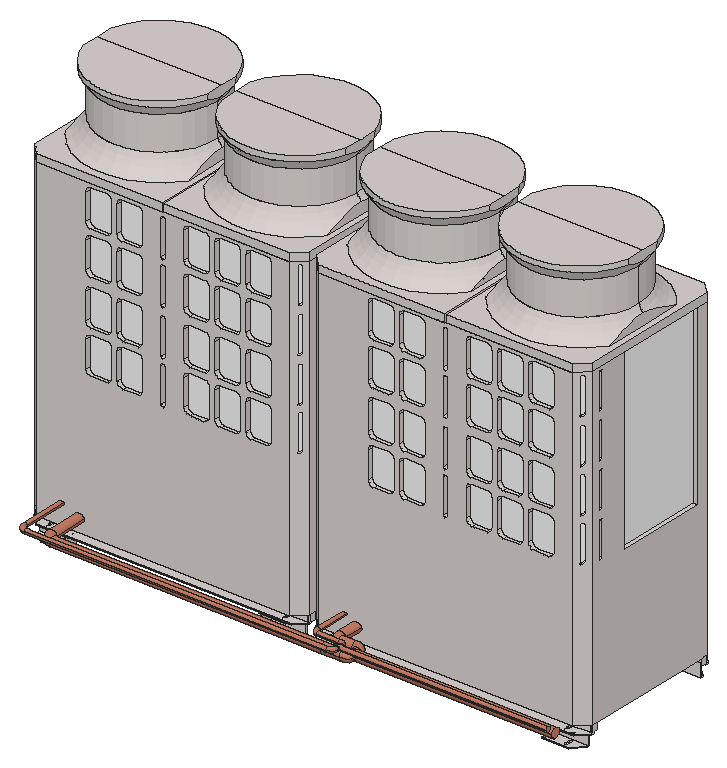
Revit family "PUHY-EP850YSNW-A", category Mechanical Equipment, Revit 2012
Parameters (values of type "PUHY-EP850YSNW-A_415V_60Hz")
  WarrantyStart = ""
  TagNumber = 0
  Sound Pressure Level (dB(A)) Heating mode = 71
  Sound Pressure Level (dB(A)) Cooling mode = 68.5
  Model = "PUHY-EP850YSNW-A"
  Width = 2510 mm
  Voltage = 415 V
  Unit Weight (kg) = 610
  URL = "http://www.mitsubishielectric.com/"
  Temp. range of heating (Outdoor temp.) (W.B.) = "-20.0 to 15.5"
  Temp. range of heating (Indoor temp.) (D.B.) = "15.0 to 27.0"
  Subcategory = "HVAC"
  Space View = yes
  SerialNumber = 0
  ReplacementYear = ""
  Refrigerant type = "R410A"
  Refrigerant Charge (kg) = 21.6
  Protection Devices_Inverter circuit (COMP./FAN) = "Over-heat protection, Over-current protection"
  Protection Devices_High pressure (MPa) = "High pressure sensor, High pressure switch at 4.15"
  Phase = 3
  Manufacturer = "Mitsubishi Electric Corporation"
  Outdoor unit 2 = PUHY-EP400YNW-A : PUHY-EP400YNW-A
  Outdoor unit 1 = PUHY-EP450YNW-A : PUHY-EP450YNW-A
  Note_1 = "Refrigerant pipe diameters may change depending on the installation condition. Please refer to the installation manual."
  Maximum Circuit Ampacity (A) = 61.9
  Liquid pipe_radius = 9.525 mm
  InstallationDate = ""
  Indoor Unit Total Capacity = "50 to 130% of outdoor unit capacity"
  Indoor Unit Model/Quantity = "P15 to P250/2 to 50"
  Hertz = 60 Hz
  Height = 1858 mm
  Heating Power Input (kW) = 26.66
  Heating Current (A) = 41.2
  Heating Capacity (kW) = 108
  Heating COP (kW/kW) = 4.05
  Gas pipe_radius = 20.64 mm
  Fan_Type = "Propeller Fan"
  Fan_Quantity = 4
  Fan Motor Output (kW) = 1.84
  External static pressure (Pa) = 0
  External Finish = "Pre-coated galvanized steel sheets (+powder coating for -BS type) <MUNSELL 5Y 8/1 or similar>"
  Equip_description = ""
  Equip_No. = 0
  Equip_ID = ""
  Description = ""
  Depth = 740 mm
  CreatedOn = ""
  CreatedBy = ""
  Cooling Power Input (kW) = 22.4
  Cooling EER (kW/kW) = 4.28
  Cooling Current (A) = 34.6
  Cooling Capacity (kW) = 96
  Compressor_Type = "Inverter scroll hermetic compressor"
  Compressor_Quantity = 2
  Compressor_Lubricant = "MEL32"
  Compressor Motor Output (kW) = 23.3
  Category = ""
  Barcode = ""
  AssetIdentifier = ""
  Airflow Rate (m3/min) = 575
  Airflow Rate (m3/h) = 34500
Reference planes
  plane 1 "Center (Front/Back)": y = 0
  plane 2: z = 0
  plane 3 "Center (Left/Right)": x = 0
  plane 4: y = 370
  plane 5 "front": y = -370
  plane 6: x = -1255
  plane 7: x = 1255
  plane 8: x = 15
  plane 9: x = -15
  plane 10: z = 1858
Forms (mm)
  Sweep 1, solid, material "Copper"
    path origin (1017.215, -4.248, 187) x (0, -1, 0) y (1, 0, 0)
      loop
        line (360, -2112.386) -> (570, -2112.386)
        arc (570, -2112.386) -> (591.213, -2103.6) -> (600, -2082.386) r 30
        line (600, -2082.386) -> (600, -725.507)
        arc (600, -725.507) -> (594.142, -711.365) -> (580, -705.507) r 20
        line (580, -705.507) -> (552.385, -705.507)
        arc (552.385, -705.507) -> (538.243, -711.365) -> (532.385, -725.507) r 20
        line (532.385, -725.507) -> (532.385, -821.501)
        arc (532.385, -821.501) -> (526.527, -835.643) -> (512.385, -841.501) r 20
        line (512.385, -841.501) -> (357.385, -841.501)
    profile origin (-1095.172, -469.248, 187) x (1, 0, 0) y (0, 0, 1)
      loop
        circle (0, 0) r 9.525
  Sweep 2, solid, material "Copper"
    path origin (1039.386, -4.248, 155) x (0, -1, 0) y (1, 0, 0)
      loop
        line (360, -2053) -> (520, -2053)
        arc (520, -2053) -> (544.749, -2042.749) -> (555, -2018) r 35
        line (555, -2018) -> (555, -800.253) -> (555, -715.076)
        arc (555, -715.076) -> (547.678, -697.398) -> (530, -690.076) r 25
        line (530, -690.076) -> (510, -690.076)
        arc (510, -690.076) -> (488.787, -698.863) -> (480, -720.076) r 30
        line (480, -720.076) -> (480, -781.253)
        arc (480, -781.253) -> (472.678, -798.931) -> (455, -806.253) r 25
        line (455, -806.253) -> (360, -806.253)
    profile origin (-1013.614, -444.248, 155) x (1, 0, 0) y (0, 0, 1)
      loop
        circle (0, 0) r 20.64
  Sweep 3, solid, material "Copper"
    path origin (934.386, -4.248, 187) x (0, -1, 0) y (1, 0, 0)
      loop
        line (565.96, -620) -> (565.96, 320.614)
    profile origin (784.693, -570.208, 187) x (0, 1, 0) y (0, 0, 1)
      loop
        circle (0, 0) r 9.525
  Sweep 4, solid, material "Copper"
    path origin (934.386, -4.248, 155.027) x (-1, 0, 0) y (0, -1, 0)
      loop
        line (585, 523.84) -> (-320, 523.84)
    profile origin (801.886, -528.088, 155.027) x (0, 1, 0) y (0, 0, 1)
      loop
        circle (0, 0) r 20.64
Dimensions and locks
  nested 1 to nested 1 = 1240 mm
  nested 1 to nested 2 to nested 2 = 30 mm, 1240 mm
  "Liquid pipe_radius": radius of Sweep 3 sketch curve
  "Gas pipe_radius": radius of Sweep 4 sketch curve
  aligned and locked: level to plane 2
Automatic sketch dimensions
  Sweep 1 sketch curve to plane 5 "front" = 8.366 mm
  Sweep 1 sketch curve to plane 5 "front" = 5.752 mm
  plane 5 "front" to Sweep 1 sketch curve = 146.634 mm
  Sweep 1 sketch curve to Sweep 1 sketch curve = 20 mm  (x2)
  plane 5 "front" to Sweep 1 sketch curve = 204.248 mm
  Sweep 1 sketch curve to Sweep 1 sketch curve = 27.615 mm
  Sweep 1 sketch curve to Sweep 1 sketch curve = 30 mm
  plane 6 to Sweep 1 sketch curve = 159.828 mm
  plane 3 "Center (Left/Right)" to Sweep 1 sketch curve = 175.714 mm
  Sweep 1 sketch curve to Sweep 1 sketch curve = 95.994 mm
  profile plane to Sweep 1 sketch curve = 0 mm
  Sweep 1 sketch curve to profile plane = 0 mm
  profile plane to Sweep 2 sketch curve = 0 mm
  Sweep 2 sketch curve to profile plane = 0 mm
  Sweep 3 sketch curve to profile plane = 0 mm  (x2)
  Sweep 4 sketch curve to profile plane = 0 mm  (x2)
  Sweep 3 sketch curve to plane 7 = 0 mm
  plane 5 "front" to Sweep 3 sketch curve = 200.208 mm
  plane 8 to Sweep 3 sketch curve = 299.386 mm
  Sweep 4 sketch curve to plane 7 = 0.614 mm
  plane 5 "front" to Sweep 4 sketch curve = 158.088 mm
  plane 8 to Sweep 4 sketch curve = 334.386 mm
  Sweep 2 sketch curve to plane 5 "front" = 5.752 mm  (x2)
  plane 5 "front" to Sweep 2 sketch curve = 89.248 mm
  Sweep 2 sketch curve to Sweep 2 sketch curve = 25 mm
  plane 5 "front" to Sweep 2 sketch curve = 154.248 mm
  Sweep 2 sketch curve to Sweep 2 sketch curve = 20 mm
  Sweep 2 sketch curve to Sweep 2 sketch curve = 35 mm
  plane 6 to Sweep 2 sketch curve = 241.386 mm
  plane 8 to Sweep 2 sketch curve = 218.134 mm
  Sweep 2 sketch curve to Sweep 2 sketch curve = 19 mm
  Sweep 2 sketch curve to Sweep 2 sketch curve = 61.177 mm
  Sweep 2 sketch curve to Sweep 2 sketch curve = 30 mm
  radius of Sweep 1 sketch curve = 9.525 mm
  radius of Sweep 2 sketch curve = 20.64 mm
Nested families
  nested 1: "PUHY-EP450YNW-A" at (-635, 0, 0), type <- "Outdoor unit 1", type "PUHY-EP450YNW-A"
  nested 2: "PUHY-EP400YNW-A" at (635, 0, 0), type <- "Outdoor unit 2", type "PUHY-EP400YNW-A"
Connectors
  piping at (1254.386, -528.088, 155.027), driven by "Gas pipe_radius"
    settings: on Sweep 4, index 1, connector radius 20.64 mm, flow factor 0, pipe flow 0.0 L/s, pressure drop 0.0 Pa, fitting loss kfactor 0, connector angle 0.00°, fixture units 0, engagement length 0 mm, flow configuration 0, flow direction 0, fitting loss method 0, system type 22, joint type 0, gender type 0, connector reference index -1, connector utility 0, adjustable connector no, is connector primary yes, fitting loss table "", connector description "Indoor unit-Twinning pipe(Gas)"
  piping at (1255, -570.208, 187), driven by "Liquid pipe_radius"
    settings: on Sweep 3, index 2, connector radius 9.525 mm, flow factor 0, pipe flow 0.0 L/s, pressure drop 0.0 Pa, fitting loss kfactor 0, connector angle 0.00°, fixture units 0, engagement length 0 mm, flow configuration 0, flow direction 0, fitting loss method 0, system type 22, joint type 0, gender type 0, connector reference index -1, connector utility 0, adjustable connector no, is connector primary no, fitting loss table "", connector description "Indoor unit-Twinning pipe(Liquid)"
  electrical at (319, -370, 280), driven by "Phase", driven by "Voltage"
    settings: index 4, voltage 415 V, apparent load 0 VA, apparent load phase1 0 VA, apparent load phase2 0 VA, apparent load phase3 0 VA, power factor 1, load classification "その他", number of poles 3, system type 30, power factor state 1, is connector primary yes, connector utility no, sub classification motor no, connector description ""
  electrical at (-633, -370, 280), driven by "Phase", driven by "Voltage"
    settings: index 5, voltage 415 V, apparent load 0 VA, apparent load phase1 0 VA, apparent load phase2 0 VA, apparent load phase3 0 VA, power factor 1, load classification "その他", number of poles 3, system type 30, power factor state 1, is connector primary no, connector utility no, sub classification motor no, connector description ""
Definition of nested family "PUHY-EP450YNW-A"
  Parameters (values of type "PUHY-P400YNW-A")
    Model = "PUHY-P400YNW-A"
    URL = "http://www.mitsubishielectric.com/"
    Manufacturer = "Mitsubishi Electric Corporation"
    Liquid pipe_radius = 12.7 mm
    Gas pipe_radius = 14.29 mm
  Reference planes
    plane 1 "Center (Front/Back)": y = 0
    plane 2: z = 0
    plane 3 "Center (Left/Right)": x = 0
    plane 4: y = 370
    plane 5: z = 1858
    plane 6: y = -260
    plane 7: y = -204
    plane 8: y = -185
    plane 9: x = -620
    plane 10: x = 620
    plane 11: x = -620
    plane 12: z = 716
    plane 13: x = -524
    plane 14: z = 669
    plane 15: x = -50.5
    plane 16: x = 51
    plane 17: x = 489
    plane 18: x = 467
    plane 19 "132": x = 488
    plane 20 "100": z = 160
    plane 21: z = 185
    plane 22: x = 413
    plane 23: x = 364
    plane 24: z = 150
    plane 25: x = -287.25
    plane 26: x = -137.25
    plane 27: x = -272.25
    plane 28: y = -278
    plane 29: z = 1509
    plane 30: y = -370
    plane 31: x = -530
    plane 32: x = 530
    plane 33 "179": y = -191
  Forms (mm)
    Extrusion 1, solid, material "Paint_5Y 8/1"
      sketch origin (-1, 0, 113) x (-1, 0, 0) y (0, -1, 0)
        loop
          line (569, -370) -> (619, -320) -> (619, 320) -> (569, 370) -> (-571, 370) -> (-621, 320) -> (-621, -320) -> (-571, -370) -> (569, -370)
      from -18 to 1408
    Extrusion 2, void
      sketch origin (524, -370, 113) x (1, 0, 0) y (0, 0, -1)
        loop
          arc (-60.8, -1393.5) -> (-42.557, -1385.943) -> (-35, -1367.7) r 25.8
          line (-35, -1367.7) -> (-35, -1248.5)
          arc (-35, -1248.5) -> (-42.557, -1230.257) -> (-60.8, -1222.7) r 25.8
          line (-60.8, -1222.7) -> (-126, -1222.7)
          arc (-126, -1222.7) -> (-144.243, -1230.257) -> (-151.8, -1248.5) r 25.8
          line (-151.8, -1248.5) -> (-151.8, -1367.7)
          arc (-151.8, -1367.7) -> (-144.243, -1385.943) -> (-126, -1393.5) r 25.8
          line (-126, -1393.5) -> (-60.8, -1393.5)
      from 0 to 20
    Extrusion 3, void
      sketch origin (524, -370, -81) x (1, 0, 0) y (0, 0, -1)
        loop
          arc (-60.8, -1393.5) -> (-42.557, -1385.943) -> (-35, -1367.7) r 25.8
          line (-35, -1367.7) -> (-35, -1248.5)
          arc (-35, -1248.5) -> (-42.557, -1230.257) -> (-60.8, -1222.7) r 25.8
          line (-60.8, -1222.7) -> (-126, -1222.7)
          arc (-126, -1222.7) -> (-144.243, -1230.257) -> (-151.8, -1248.5) r 25.8
          line (-151.8, -1248.5) -> (-151.8, -1367.7)
          arc (-151.8, -1367.7) -> (-144.243, -1385.943) -> (-126, -1393.5) r 25.8
          line (-126, -1393.5) -> (-60.8, -1393.5)
      from 0 to 20
    Extrusion 4, void
      sketch origin (524, -370, -287) x (1, 0, 0) y (0, 0, -1)
        loop
          arc (-60.8, -1393.5) -> (-42.557, -1385.943) -> (-35, -1367.7) r 25.8
          line (-35, -1367.7) -> (-35, -1248.5)
          arc (-35, -1248.5) -> (-42.557, -1230.257) -> (-60.8, -1222.7) r 25.8
          line (-60.8, -1222.7) -> (-126, -1222.7)
          arc (-126, -1222.7) -> (-144.243, -1230.257) -> (-151.8, -1248.5) r 25.8
          line (-151.8, -1248.5) -> (-151.8, -1367.7)
          arc (-151.8, -1367.7) -> (-144.243, -1385.943) -> (-126, -1393.5) r 25.8
          line (-126, -1393.5) -> (-60.8, -1393.5)
      from 0 to 20
    Extrusion 5, void
      sketch origin (524, -370, -481) x (1, 0, 0) y (0, 0, -1)
        loop
          arc (-60.8, -1393.5) -> (-42.557, -1385.943) -> (-35, -1367.7) r 25.8
          line (-35, -1367.7) -> (-35, -1248.5)
          arc (-35, -1248.5) -> (-42.557, -1230.257) -> (-60.8, -1222.7) r 25.8
          line (-60.8, -1222.7) -> (-126, -1222.7)
          arc (-126, -1222.7) -> (-144.243, -1230.257) -> (-151.8, -1248.5) r 25.8
          line (-151.8, -1248.5) -> (-151.8, -1367.7)
          arc (-151.8, -1367.7) -> (-144.243, -1385.943) -> (-126, -1393.5) r 25.8
          line (-126, -1393.5) -> (-60.8, -1393.5)
      from 0 to 20
    Extrusion 6, void
      sketch origin (384, -370, 113) x (1, 0, 0) y (0, 0, -1)
        loop
          arc (-60.8, -1393.5) -> (-42.557, -1385.943) -> (-35, -1367.7) r 25.8
          line (-35, -1367.7) -> (-35, -1248.5)
          arc (-35, -1248.5) -> (-42.557, -1230.257) -> (-60.8, -1222.7) r 25.8
          line (-60.8, -1222.7) -> (-126, -1222.7)
          arc (-126, -1222.7) -> (-144.243, -1230.257) -> (-151.8, -1248.5) r 25.8
          line (-151.8, -1248.5) -> (-151.8, -1367.7)
          arc (-151.8, -1367.7) -> (-144.243, -1385.943) -> (-126, -1393.5) r 25.8
          line (-126, -1393.5) -> (-60.8, -1393.5)
      from 0 to 20
    Extrusion 7, void
      sketch origin (384, -370, -81) x (1, 0, 0) y (0, 0, -1)
        loop
          arc (-60.8, -1393.5) -> (-42.557, -1385.943) -> (-35, -1367.7) r 25.8
          line (-35, -1367.7) -> (-35, -1248.5)
          arc (-35, -1248.5) -> (-42.557, -1230.257) -> (-60.8, -1222.7) r 25.8
          line (-60.8, -1222.7) -> (-126, -1222.7)
          arc (-126, -1222.7) -> (-144.243, -1230.257) -> (-151.8, -1248.5) r 25.8
          line (-151.8, -1248.5) -> (-151.8, -1367.7)
          arc (-151.8, -1367.7) -> (-144.243, -1385.943) -> (-126, -1393.5) r 25.8
          line (-126, -1393.5) -> (-60.8, -1393.5)
      from 0 to 20
    Extrusion 8, void
      sketch origin (384, -370, -287) x (1, 0, 0) y (0, 0, -1)
        loop
          arc (-60.8, -1393.5) -> (-42.557, -1385.943) -> (-35, -1367.7) r 25.8
          line (-35, -1367.7) -> (-35, -1248.5)
          arc (-35, -1248.5) -> (-42.557, -1230.257) -> (-60.8, -1222.7) r 25.8
          line (-60.8, -1222.7) -> (-126, -1222.7)
          arc (-126, -1222.7) -> (-144.243, -1230.257) -> (-151.8, -1248.5) r 25.8
          line (-151.8, -1248.5) -> (-151.8, -1367.7)
          arc (-151.8, -1367.7) -> (-144.243, -1385.943) -> (-126, -1393.5) r 25.8
          line (-126, -1393.5) -> (-60.8, -1393.5)
      from 0 to 20
    Extrusion 9, void
      sketch origin (384, -370, -481) x (1, 0, 0) y (0, 0, -1)
        loop
          arc (-60.8, -1393.5) -> (-42.557, -1385.943) -> (-35, -1367.7) r 25.8
          line (-35, -1367.7) -> (-35, -1248.5)
          arc (-35, -1248.5) -> (-42.557, -1230.257) -> (-60.8, -1222.7) r 25.8
          line (-60.8, -1222.7) -> (-126, -1222.7)
          arc (-126, -1222.7) -> (-144.243, -1230.257) -> (-151.8, -1248.5) r 25.8
          line (-151.8, -1248.5) -> (-151.8, -1367.7)
          arc (-151.8, -1367.7) -> (-144.243, -1385.943) -> (-126, -1393.5) r 25.8
          line (-126, -1393.5) -> (-60.8, -1393.5)
      from 0 to 20
    Extrusion 10, void
      sketch origin (244, -370, 113) x (1, 0, 0) y (0, 0, -1)
        loop
          arc (-60.8, -1393.5) -> (-42.557, -1385.943) -> (-35, -1367.7) r 25.8
          line (-35, -1367.7) -> (-35, -1248.5)
          arc (-35, -1248.5) -> (-42.557, -1230.257) -> (-60.8, -1222.7) r 25.8
          line (-60.8, -1222.7) -> (-126, -1222.7)
          arc (-126, -1222.7) -> (-144.243, -1230.257) -> (-151.8, -1248.5) r 25.8
          line (-151.8, -1248.5) -> (-151.8, -1367.7)
          arc (-151.8, -1367.7) -> (-144.243, -1385.943) -> (-126, -1393.5) r 25.8
          line (-126, -1393.5) -> (-60.8, -1393.5)
      from 0 to 20
    Extrusion 11, void
      sketch origin (244, -370, -81) x (1, 0, 0) y (0, 0, -1)
        loop
          arc (-60.8, -1393.5) -> (-42.557, -1385.943) -> (-35, -1367.7) r 25.8
          line (-35, -1367.7) -> (-35, -1248.5)
          arc (-35, -1248.5) -> (-42.557, -1230.257) -> (-60.8, -1222.7) r 25.8
          line (-60.8, -1222.7) -> (-126, -1222.7)
          arc (-126, -1222.7) -> (-144.243, -1230.257) -> (-151.8, -1248.5) r 25.8
          line (-151.8, -1248.5) -> (-151.8, -1367.7)
          arc (-151.8, -1367.7) -> (-144.243, -1385.943) -> (-126, -1393.5) r 25.8
          line (-126, -1393.5) -> (-60.8, -1393.5)
      from 0 to 20
    Extrusion 12, void
      sketch origin (244, -370, -287) x (1, 0, 0) y (0, 0, -1)
        loop
          arc (-60.8, -1393.5) -> (-42.557, -1385.943) -> (-35, -1367.7) r 25.8
          line (-35, -1367.7) -> (-35, -1248.5)
          arc (-35, -1248.5) -> (-42.557, -1230.257) -> (-60.8, -1222.7) r 25.8
          line (-60.8, -1222.7) -> (-126, -1222.7)
          arc (-126, -1222.7) -> (-144.243, -1230.257) -> (-151.8, -1248.5) r 25.8
          line (-151.8, -1248.5) -> (-151.8, -1367.7)
          arc (-151.8, -1367.7) -> (-144.243, -1385.943) -> (-126, -1393.5) r 25.8
          line (-126, -1393.5) -> (-60.8, -1393.5)
      from 0 to 20
    Extrusion 13, void
      sketch origin (244, -370, -481) x (1, 0, 0) y (0, 0, -1)
        loop
          arc (-60.8, -1393.5) -> (-42.557, -1385.943) -> (-35, -1367.7) r 25.8
          line (-35, -1367.7) -> (-35, -1248.5)
          arc (-35, -1248.5) -> (-42.557, -1230.257) -> (-60.8, -1222.7) r 25.8
          line (-60.8, -1222.7) -> (-126, -1222.7)
          arc (-126, -1222.7) -> (-144.243, -1230.257) -> (-151.8, -1248.5) r 25.8
          line (-151.8, -1248.5) -> (-151.8, -1367.7)
          arc (-151.8, -1367.7) -> (-144.243, -1385.943) -> (-126, -1393.5) r 25.8
          line (-126, -1393.5) -> (-60.8, -1393.5)
      from 0 to 20
    Extrusion 14, void
      sketch origin (-56, -370, 113) x (1, 0, 0) y (0, 0, -1)
        loop
          arc (-60.8, -1393.5) -> (-42.557, -1385.943) -> (-35, -1367.7) r 25.8
          line (-35, -1367.7) -> (-35, -1248.5)
          arc (-35, -1248.5) -> (-42.557, -1230.257) -> (-60.8, -1222.7) r 25.8
          line (-60.8, -1222.7) -> (-126, -1222.7)
          arc (-126, -1222.7) -> (-144.243, -1230.257) -> (-151.8, -1248.5) r 25.8
          line (-151.8, -1248.5) -> (-151.8, -1367.7)
          arc (-151.8, -1367.7) -> (-144.243, -1385.943) -> (-126, -1393.5) r 25.8
          line (-126, -1393.5) -> (-60.8, -1393.5)
      from 0 to 20
    Extrusion 15, void
      sketch origin (-56, -370, -81) x (1, 0, 0) y (0, 0, -1)
        loop
          arc (-60.8, -1393.5) -> (-42.557, -1385.943) -> (-35, -1367.7) r 25.8
          line (-35, -1367.7) -> (-35, -1248.5)
          arc (-35, -1248.5) -> (-42.557, -1230.257) -> (-60.8, -1222.7) r 25.8
          line (-60.8, -1222.7) -> (-126, -1222.7)
          arc (-126, -1222.7) -> (-144.243, -1230.257) -> (-151.8, -1248.5) r 25.8
          line (-151.8, -1248.5) -> (-151.8, -1367.7)
          arc (-151.8, -1367.7) -> (-144.243, -1385.943) -> (-126, -1393.5) r 25.8
          line (-126, -1393.5) -> (-60.8, -1393.5)
      from 0 to 20
    Extrusion 16, void
      sketch origin (-56, -370, -287) x (1, 0, 0) y (0, 0, -1)
        loop
          arc (-60.8, -1393.5) -> (-42.557, -1385.943) -> (-35, -1367.7) r 25.8
          line (-35, -1367.7) -> (-35, -1248.5)
          arc (-35, -1248.5) -> (-42.557, -1230.257) -> (-60.8, -1222.7) r 25.8
          line (-60.8, -1222.7) -> (-126, -1222.7)
          arc (-126, -1222.7) -> (-144.243, -1230.257) -> (-151.8, -1248.5) r 25.8
          line (-151.8, -1248.5) -> (-151.8, -1367.7)
          arc (-151.8, -1367.7) -> (-144.243, -1385.943) -> (-126, -1393.5) r 25.8
          line (-126, -1393.5) -> (-60.8, -1393.5)
      from 0 to 20
    Extrusion 17, void
      sketch origin (-56, -370, -481) x (1, 0, 0) y (0, 0, -1)
        loop
          arc (-60.8, -1393.5) -> (-42.557, -1385.943) -> (-35, -1367.7) r 25.8
          line (-35, -1367.7) -> (-35, -1248.5)
          arc (-35, -1248.5) -> (-42.557, -1230.257) -> (-60.8, -1222.7) r 25.8
          line (-60.8, -1222.7) -> (-126, -1222.7)
          arc (-126, -1222.7) -> (-144.243, -1230.257) -> (-151.8, -1248.5) r 25.8
          line (-151.8, -1248.5) -> (-151.8, -1367.7)
          arc (-151.8, -1367.7) -> (-144.243, -1385.943) -> (-126, -1393.5) r 25.8
          line (-126, -1393.5) -> (-60.8, -1393.5)
      from 0 to 20
    Extrusion 18, void
      sketch origin (-196, -370, 113) x (1, 0, 0) y (0, 0, -1)
        loop
          arc (-60.8, -1393.5) -> (-42.557, -1385.943) -> (-35, -1367.7) r 25.8
          line (-35, -1367.7) -> (-35, -1248.5)
          arc (-35, -1248.5) -> (-42.557, -1230.257) -> (-60.8, -1222.7) r 25.8
          line (-60.8, -1222.7) -> (-126, -1222.7)
          arc (-126, -1222.7) -> (-144.243, -1230.257) -> (-151.8, -1248.5) r 25.8
          line (-151.8, -1248.5) -> (-151.8, -1367.7)
          arc (-151.8, -1367.7) -> (-144.243, -1385.943) -> (-126, -1393.5) r 25.8
          line (-126, -1393.5) -> (-60.8, -1393.5)
      from 0 to 20
    Extrusion 19, void
      sketch origin (-196, -370, -81) x (1, 0, 0) y (0, 0, -1)
        loop
          arc (-60.8, -1393.5) -> (-42.557, -1385.943) -> (-35, -1367.7) r 25.8
          line (-35, -1367.7) -> (-35, -1248.5)
          arc (-35, -1248.5) -> (-42.557, -1230.257) -> (-60.8, -1222.7) r 25.8
          line (-60.8, -1222.7) -> (-126, -1222.7)
          arc (-126, -1222.7) -> (-144.243, -1230.257) -> (-151.8, -1248.5) r 25.8
          line (-151.8, -1248.5) -> (-151.8, -1367.7)
          arc (-151.8, -1367.7) -> (-144.243, -1385.943) -> (-126, -1393.5) r 25.8
          line (-126, -1393.5) -> (-60.8, -1393.5)
      from 0 to 20
    Extrusion 20, void
      sketch origin (-196, -370, -287) x (1, 0, 0) y (0, 0, -1)
        loop
          arc (-60.8, -1393.5) -> (-42.557, -1385.943) -> (-35, -1367.7) r 25.8
          line (-35, -1367.7) -> (-35, -1248.5)
          arc (-35, -1248.5) -> (-42.557, -1230.257) -> (-60.8, -1222.7) r 25.8
          line (-60.8, -1222.7) -> (-126, -1222.7)
          arc (-126, -1222.7) -> (-144.243, -1230.257) -> (-151.8, -1248.5) r 25.8
          line (-151.8, -1248.5) -> (-151.8, -1367.7)
          arc (-151.8, -1367.7) -> (-144.243, -1385.943) -> (-126, -1393.5) r 25.8
          line (-126, -1393.5) -> (-60.8, -1393.5)
      from 0 to 20
    Extrusion 21, void
      sketch origin (-196, -370, -481) x (1, 0, 0) y (0, 0, -1)
        loop
          arc (-60.8, -1393.5) -> (-42.557, -1385.943) -> (-35, -1367.7) r 25.8
          line (-35, -1367.7) -> (-35, -1248.5)
          arc (-35, -1248.5) -> (-42.557, -1230.257) -> (-60.8, -1222.7) r 25.8
          line (-60.8, -1222.7) -> (-126, -1222.7)
          arc (-126, -1222.7) -> (-144.243, -1230.257) -> (-151.8, -1248.5) r 25.8
          line (-151.8, -1248.5) -> (-151.8, -1367.7)
          arc (-151.8, -1367.7) -> (-144.243, -1385.943) -> (-126, -1393.5) r 25.8
          line (-126, -1393.5) -> (-60.8, -1393.5)
      from 0 to 20
    Extrusion 22, void
      sketch origin (620, 320, 113) x (0, 1, 0) y (0, 0, -1)
        loop
          line (-462.3, -1408) -> (-50.8, -1408) -> (-50.8, -612) -> (-462.3, -612) -> (-462.3, -1408)
      from 0 to 20
    Extrusion 23, void
      sketch origin (-620, -320, 113) x (0, -1, 0) y (0, 0, -1)
        loop
          line (-535.7, -1408) -> (-207.7, -1408) -> (-207.7, -592) -> (-535.7, -592) -> (-535.7, -1408)
      from 0 to 20
    Extrusion 24, void
      sketch origin (194.892, 370, 113) x (-1, 0, 0) y (0, 0, -1)
        loop
          arc (204.892, -1225.013) -> (194.892, -1215.013) -> (184.892, -1225.013) r 10
          line (184.892, -1225.013) -> (184.892, -1379.987)
          arc (184.892, -1379.987) -> (194.892, -1389.987) -> (204.892, -1379.987) r 10
          line (204.892, -1379.987) -> (204.892, -1225.013)
        loop
          arc (204.892, -1031.013) -> (194.892, -1021.013) -> (184.892, -1031.013) r 10
          line (184.892, -1031.013) -> (184.892, -1185.987)
          arc (184.892, -1185.987) -> (194.892, -1195.987) -> (204.892, -1185.987) r 10
          line (204.892, -1185.987) -> (204.892, -1031.013)
        loop
          arc (204.892, -825.013) -> (194.892, -815.013) -> (184.892, -825.013) r 10
          line (184.892, -825.013) -> (184.892, -979.987)
          arc (184.892, -979.987) -> (194.892, -989.987) -> (204.892, -979.987) r 10
          line (204.892, -979.987) -> (204.892, -825.013)
        loop
          arc (204.892, -631.013) -> (194.892, -621.013) -> (184.892, -631.013) r 10
          line (184.892, -631.013) -> (184.892, -785.987)
          arc (184.892, -785.987) -> (194.892, -795.987) -> (204.892, -785.987) r 10
          line (204.892, -785.987) -> (204.892, -631.013)
      from 0 to 20
    Extrusion 25, void
      sketch origin (-570, 370, 113) x (0.707107, 0.707107, 0) y (0, 0, 1)
        loop
          arc (-45.355, 1236) -> (-35.355, 1226) -> (-25.355, 1236) r 10
          line (-25.355, 1236) -> (-25.355, 1386)
          arc (-25.355, 1386) -> (-35.355, 1396) -> (-45.355, 1386) r 10
          line (-45.355, 1386) -> (-45.355, 1236)
        loop
          arc (-45.355, 1036) -> (-35.355, 1026) -> (-25.355, 1036) r 10
          line (-25.355, 1036) -> (-25.355, 1186)
          arc (-25.355, 1186) -> (-35.355, 1196) -> (-45.355, 1186) r 10
          line (-45.355, 1186) -> (-45.355, 1036)
        loop
          arc (-45.355, 836) -> (-35.355, 826) -> (-25.355, 836) r 10
          line (-25.355, 836) -> (-25.355, 986)
          arc (-25.355, 986) -> (-35.355, 996) -> (-45.355, 986) r 10
          line (-45.355, 986) -> (-45.355, 836)
        loop
          arc (-45.355, 641) -> (-35.355, 631) -> (-25.355, 641) r 10
          line (-25.355, 641) -> (-25.355, 791)
          arc (-25.355, 791) -> (-35.355, 801) -> (-45.355, 791) r 10
          line (-45.355, 791) -> (-45.355, 641)
      from 0 to 20
    Extrusion 26, void
      sketch origin (-620, -320, 113) x (0, -1, 0) y (0, 0, -1)
        loop
          line (-607.846, -1035.895) -> (-607.846, -1186.105)
          arc (-607.846, -1186.105) -> (-597.846, -1196.105) -> (-587.846, -1186.105) r 10
          line (-587.846, -1186.105) -> (-587.846, -1035.895)
          arc (-587.846, -1035.895) -> (-597.846, -1025.895) -> (-607.846, -1035.895) r 10
        loop
          line (-607.846, -835.895) -> (-607.846, -986.105)
          arc (-607.846, -986.105) -> (-597.846, -996.105) -> (-587.846, -986.105) r 10
          line (-587.846, -986.105) -> (-587.846, -835.895)
          arc (-587.846, -835.895) -> (-597.846, -825.895) -> (-607.846, -835.895) r 10
        loop
          line (-607.846, -1235.895) -> (-607.846, -1386.105)
          arc (-607.846, -1386.105) -> (-597.846, -1396.105) -> (-587.846, -1386.105) r 10
          line (-587.846, -1386.105) -> (-587.846, -1235.895)
          arc (-587.846, -1235.895) -> (-597.846, -1225.895) -> (-607.846, -1235.895) r 10
        loop
          line (-607.846, -635.895) -> (-607.846, -786.105)
          arc (-607.846, -786.105) -> (-597.846, -796.105) -> (-587.846, -786.105) r 10
          line (-587.846, -786.105) -> (-587.846, -635.895)
          arc (-587.846, -635.895) -> (-597.846, -625.895) -> (-607.846, -635.895) r 10
      from 0 to 20
    Extrusion 27, void
      sketch origin (1079, -370, 113) x (1, 0, 0) y (0, 0, -1)
        loop
          arc (-1089, -1379.975) -> (-1079, -1389.975) -> (-1069, -1379.975) r 10
          line (-1069, -1379.975) -> (-1069, -1225)
          arc (-1069, -1225) -> (-1079, -1215) -> (-1089, -1225) r 10
          line (-1089, -1225) -> (-1089, -1379.975)
        loop
          arc (-1089, -1185.975) -> (-1079, -1195.975) -> (-1069, -1185.975) r 10
          line (-1069, -1185.975) -> (-1069, -1031)
          arc (-1069, -1031) -> (-1079, -1021) -> (-1089, -1031) r 10
          line (-1089, -1031) -> (-1089, -1185.975)
        loop
          arc (-1089, -979.975) -> (-1079, -989.975) -> (-1069, -979.975) r 10
          line (-1069, -979.975) -> (-1069, -825)
          arc (-1069, -825) -> (-1079, -815) -> (-1089, -825) r 10
          line (-1089, -825) -> (-1089, -979.975)
        loop
          arc (-1089, -785.975) -> (-1079, -795.975) -> (-1069, -785.975) r 10
          line (-1069, -785.975) -> (-1069, -631)
          arc (-1069, -631) -> (-1079, -621) -> (-1089, -631) r 10
          line (-1089, -631) -> (-1089, -785.975)
      from 0 to 20
    Extrusion 28, void
      sketch origin (-571, 370, 113) x (-1, 0, 0) y (0, 0, -1)
        loop
          line (-519.5, -1408) -> (-48, -1408) -> (-48, -556) -> (-519.5, -556) -> (-519.5, -1408)
      from 0 to 20
    Extrusion 29, void
      sketch origin (-571, 370, 113) x (-1, 0, 0) y (0, 0, -1)
        loop
          line (-1038, -1408) -> (-622, -1408) -> (-622, -556) -> (-1038, -556) -> (-1038, -1408)
      from 0 to 20
    Extrusion 30, void
      sketch origin (620, 320, 113) x (0, 1, 0) y (0, 0, -1)
        loop
          arc (-588, -1035.791) -> (-598, -1025.791) -> (-608, -1035.791) r 10
          line (-608, -1035.791) -> (-608, -1186)
          arc (-608, -1186) -> (-598, -1196) -> (-588, -1186) r 10
          line (-588, -1186) -> (-588, -1035.791)
        loop
          arc (-588, -835.791) -> (-598, -825.791) -> (-608, -835.791) r 10
          line (-608, -835.791) -> (-608, -986)
          arc (-608, -986) -> (-598, -996) -> (-588, -986) r 10
          line (-588, -986) -> (-588, -835.791)
        loop
          arc (-588, -1235.791) -> (-598, -1225.791) -> (-608, -1235.791) r 10
          line (-608, -1235.791) -> (-608, -1386)
          arc (-608, -1386) -> (-598, -1396) -> (-588, -1386) r 10
          line (-588, -1386) -> (-588, -1235.791)
        loop
          arc (-588, -635.791) -> (-598, -625.791) -> (-608, -635.791) r 10
          line (-608, -635.791) -> (-608, -786)
          arc (-608, -786) -> (-598, -796) -> (-588, -786) r 10
          line (-588, -786) -> (-588, -635.791)
      from 0 to 20
    Extrusion 31, void
      sketch origin (1291.751, 351.751, 113) x (0.707107, 0.707107, 0) y (0, 0, -1)
        loop
          line (-995.311, -1236) -> (-995.311, -1386)
          arc (-995.311, -1386) -> (-985.311, -1396) -> (-975.311, -1386) r 10
          line (-975.311, -1386) -> (-975.311, -1236)
          arc (-975.311, -1236) -> (-985.311, -1226) -> (-995.311, -1236) r 10
        loop
          line (-995.311, -1036) -> (-995.311, -1186)
          arc (-995.311, -1186) -> (-985.311, -1196) -> (-975.311, -1186) r 10
          line (-975.311, -1186) -> (-975.311, -1036)
          arc (-975.311, -1036) -> (-985.311, -1026) -> (-995.311, -1036) r 10
        loop
          line (-995.311, -836) -> (-995.311, -986)
          arc (-995.311, -986) -> (-985.311, -996) -> (-975.311, -986) r 10
          line (-975.311, -986) -> (-975.311, -836)
          arc (-975.311, -836) -> (-985.311, -826) -> (-995.311, -836) r 10
        loop
          line (-995.311, -641) -> (-995.311, -791)
          arc (-995.311, -791) -> (-985.311, -801) -> (-975.311, -791) r 10
          line (-975.311, -791) -> (-975.311, -641)
          arc (-975.311, -641) -> (-985.311, -631) -> (-995.311, -641) r 10
      from 0 to 20
    Extrusion 32, void
      sketch origin (0, -191, 0) x (-1, 0, 0) y (0, 0, 1)
        loop
          circle (460, 176) r 6.35
      from 0 to 78.7
    Extrusion 33, void
      sketch origin (0, -191, 0) x (-1, 0, 0) y (0, 0, 1)
        loop
          circle (377, 176) r 14.29
      from 0 to 78.7
  Cuts and joins
    Extrusion 2, Extrusion 3, Extrusion 4, Extrusion 5, Extrusion 6, Extrusion 7, Extrusion 8, Extrusion 9, Extrusion 10, Extrusion 11, Extrusion 12, Extrusion 13, Extrusion 14, Extrusion 15, Extrusion 16, Extrusion 17, Extrusion 18, Extrusion 19, Extrusion 20, Extrusion 21, Extrusion 22, Extrusion 23, Extrusion 24, Extrusion 25, Extrusion 26, Extrusion 27, Extrusion 28, Extrusion 29, Extrusion 30, Extrusion 31, Extrusion 32, Extrusion 33 cuts Extrusion 1
  Lines and regions (mm)
    model lines
      curve 1: line (-351, -291, 95) -> (-481, -291, 95)
      curve 2: line (-342, -206, 95) -> (-342, -282, 95)
      curve 3: line (-481, -197, 95) -> (-351, -197, 95)
      curve 4: line (-492, -280, 95) -> (-492, -208, 95)
      curve 5: arc (-492, -280, 95) -> (-488.778, -287.778, 95) -> (-481, -291, 95) r 11
      curve 6: arc (-351, -291, 95) -> (-344.636, -288.364, 95) -> (-342, -282, 95) r 9
      curve 7: arc (-342, -206, 95) -> (-344.636, -199.636, 95) -> (-351, -197, 95) r 9
      curve 8: arc (-481, -197, 95) -> (-488.778, -200.222, 95) -> (-492, -208, 95) r 11
      curve 9: line (-30, -370, 1521) -> (-30, -370, 95)
      curve 10: line (30, -370, 1521) -> (30, -370, 95)
      curve 11: line (-485, -370, 215) -> (-357, -370, 215)
      curve 12: line (-495, -370, 141) -> (-495, -370, 205)
      curve 13: line (-357, -370, 131) -> (-485, -370, 131)
      curve 14: line (-347, -370, 205) -> (-347, -370, 141)
      curve 15: arc (-485, -370, 215) -> (-492.071, -370, 212.071) -> (-495, -370, 205) r 10
      curve 16: arc (-495, -370, 141) -> (-492.071, -370, 133.929) -> (-485, -370, 131) r 10
      curve 17: arc (-357, -370, 131) -> (-349.929, -370, 133.929) -> (-347, -370, 141) r 10
      curve 18: arc (-347, -370, 205) -> (-349.929, -370, 212.071) -> (-357, -370, 215) r 10
      curve 19: line (-405, -370, 1521) -> (-405, -370, 716)
      curve 20: line (620, -162.3, 1521) -> (620, -162.3, 95)
      curve 21: line (620, 289.2, 1521) -> (620, 289.2, 95)
      curve 22: line (620, -162.3, 705) -> (620, 289.2, 705)
      curve 23: line (620, -162.3, 725) -> (620, 289.2, 725)
      curve 24: line (620, -76.8, 583) -> (620, 203.2, 583)
      curve 25: line (620, 203.2, 563) -> (620, -76.8, 563)
      curve 26: arc (620, -76.8, 583) -> (620, -83.871, 580.071) -> (620, -86.8, 573) r 10
      curve 27: arc (620, -76.8, 563) -> (620, -83.871, 565.929) -> (620, -86.8, 573) r 10
      curve 28: arc (620, 203.2, 583) -> (620, 210.271, 580.071) -> (620, 213.2, 573) r 10
      curve 29: arc (620, 203.2, 563) -> (620, 210.271, 565.929) -> (620, 213.2, 573) r 10
      curve 30: line (620, -76.8, 478) -> (620, 203.2, 478)
      curve 31: line (620, 203.2, 458) -> (620, -76.8, 458)
      curve 32: arc (620, -76.8, 478) -> (620, -83.871, 475.071) -> (620, -86.8, 468) r 10
      curve 33: arc (620, -76.8, 458) -> (620, -83.871, 460.929) -> (620, -86.8, 468) r 10
      curve 34: arc (620, 203.2, 478) -> (620, 210.271, 475.071) -> (620, 213.2, 468) r 10
      curve 35: arc (620, 203.2, 458) -> (620, 210.271, 460.929) -> (620, 213.2, 468) r 10
      curve 36: line (620, -76.8, 373) -> (620, 203.2, 373)
      curve 37: line (620, 203.2, 353) -> (620, -76.8, 353)
      curve 38: arc (620, -76.8, 373) -> (620, -83.871, 370.071) -> (620, -86.8, 363) r 10
      curve 39: arc (620, -76.8, 353) -> (620, -83.871, 355.929) -> (620, -86.8, 363) r 10
      curve 40: arc (620, 203.2, 373) -> (620, 210.271, 370.071) -> (620, 213.2, 363) r 10
      curve 41: arc (620, 203.2, 353) -> (620, 210.271, 355.929) -> (620, 213.2, 363) r 10
      curve 42: line (620, -76.8, 268) -> (620, 203.2, 268)
      curve 43: line (620, 203.2, 248) -> (620, -76.8, 248)
      curve 44: arc (620, -76.8, 268) -> (620, -83.871, 265.071) -> (620, -86.8, 258) r 10
      curve 45: arc (620, -76.8, 248) -> (620, -83.871, 250.929) -> (620, -86.8, 258) r 10
      curve 46: arc (620, 203.2, 268) -> (620, 210.271, 265.071) -> (620, 213.2, 258) r 10
      curve 47: arc (620, 203.2, 248) -> (620, 210.271, 250.929) -> (620, 213.2, 258) r 10
      curve 48: line (-620, -162.3, 1521) -> (-620, -162.3, 95)
      curve 49: line (-620, 235.7, 1521) -> (-620, 235.7, 95)
      curve 50: line (-620, -112.3, 1521) -> (-620, -112.3, 705)
      curve 51: line (-620, 215.7, 1521) -> (-620, 215.7, 705)
      curve 52: line (-620, 235.7, 705) -> (-620, -162.3, 705)
      curve 53: line (-620, 176.7, 268) -> (-620, -103.3, 268)
      curve 54: line (-620, -103.3, 248) -> (-620, 176.7, 248)
      curve 55: arc (-620, 186.7, 258) -> (-620, 183.771, 265.071) -> (-620, 176.7, 268) r 10
      curve 56: arc (-620, 176.7, 248) -> (-620, 183.771, 250.929) -> (-620, 186.7, 258) r 10
      curve 57: arc (-620, -103.3, 268) -> (-620, -110.371, 265.071) -> (-620, -113.3, 258) r 10
      curve 58: arc (-620, -113.3, 258) -> (-620, -110.371, 250.929) -> (-620, -103.3, 248) r 10
      curve 59: line (-620, 176.7, 373) -> (-620, -103.3, 373)
      curve 60: line (-620, -103.3, 353) -> (-620, 176.7, 353)
      curve 61: arc (-620, 186.7, 363) -> (-620, 183.771, 370.071) -> (-620, 176.7, 373) r 10
      curve 62: arc (-620, 176.7, 353) -> (-620, 183.771, 355.929) -> (-620, 186.7, 363) r 10
      curve 63: arc (-620, -103.3, 373) -> (-620, -110.371, 370.071) -> (-620, -113.3, 363) r 10
      curve 64: arc (-620, -113.3, 363) -> (-620, -110.371, 355.929) -> (-620, -103.3, 353) r 10
      curve 65: line (-620, 176.7, 478) -> (-620, -103.3, 478)
      curve 66: line (-620, -103.3, 458) -> (-620, 176.7, 458)
      curve 67: arc (-620, 186.7, 468) -> (-620, 183.771, 475.071) -> (-620, 176.7, 478) r 10
      curve 68: arc (-620, 176.7, 458) -> (-620, 183.771, 460.929) -> (-620, 186.7, 468) r 10
      curve 69: arc (-620, -103.3, 478) -> (-620, -110.371, 475.071) -> (-620, -113.3, 468) r 10
      curve 70: arc (-620, -113.3, 468) -> (-620, -110.371, 460.929) -> (-620, -103.3, 458) r 10
      curve 71: line (-620, 176.7, 583) -> (-620, -103.3, 583)
      curve 72: line (-620, -103.3, 563) -> (-620, 176.7, 563)
      curve 73: arc (-620, 186.7, 573) -> (-620, 183.771, 580.071) -> (-620, 176.7, 583) r 10
      curve 74: arc (-620, 176.7, 563) -> (-620, 183.771, 565.929) -> (-620, 186.7, 573) r 10
      curve 75: arc (-620, -103.3, 583) -> (-620, -110.371, 580.071) -> (-620, -113.3, 573) r 10
      curve 76: arc (-620, -113.3, 573) -> (-620, -110.371, 565.929) -> (-620, -103.3, 563) r 10
      curve 77: line (-544, 370, 1521) -> (-544, 370, 95)
      curve 78: line (489, 370, 649) -> (30, 370, 649)
      curve 79: line (-30.5, 370, 649) -> (-544, 370, 649)
      curve 80: line (-147.25, 370, 584) -> (-427.25, 370, 584)
      curve 81: line (-427.25, 370, 564) -> (-147.25, 370, 564)
      curve 82: arc (-137.25, 370, 574) -> (-140.179, 370, 581.071) -> (-147.25, 370, 584) r 10
      curve 83: arc (-147.25, 370, 564) -> (-140.179, 370, 566.929) -> (-137.25, 370, 574) r 10
      curve 84: arc (-427.25, 370, 584) -> (-434.321, 370, 581.071) -> (-437.25, 370, 574) r 10
      curve 85: arc (-437.25, 370, 574) -> (-434.321, 370, 566.929) -> (-427.25, 370, 564) r 10
      curve 86: circle (448, -185, 1521) r 15 normal (0, 0, 1)
      curve 87: circle (468, -185, 95) r 26 normal (0, 0, 1)
      curve 88: circle (448, -260, 95) r 32.5 normal (0, 0, 1)
      curve 89: circle (404, -204, 95) r 17 normal (0, 0, 1)
      curve 90: line (-550, -370, 1521) -> (-550, -370, 95)
      curve 91: line (-550, -370, 716) -> (-30, -370, 716)
      curve 92: line (550, -370, 95) -> (550, -370, 1521)
      curve 93: line (30, -370, 716) -> (550, -370, 716)
      curve 94: line (-30.5, 370, 1521) -> (-30.5, 370, 95)
      curve 95: line (30, 370, 1521) -> (30, 370, 95)
      curve 96: line (489, 370, 1521) -> (489, 370, 95)
      curve 97: line (467, 370, 669) -> (467, 370, 649)
      curve 98: line (-352, -370, 223) -> (-550, -370, 223)
      curve 99: line (-342, -370, 213) -> (-342, -370, 95)
      curve 100: arc (-342, -370, 213) -> (-344.929, -370, 220.071) -> (-352, -370, 223) r 10
      curve 101: circle (488, -370, 160) r 32.5 normal (0, -1, 0)
      curve 102: circle (488, -370, 160) r 20 normal (0, -1, 0)
      curve 103: circle (364, -370, 150) r 17 normal (0, -1, 0)
      curve 104: circle (413, -370, 185) r 26 normal (0, -1, 0)
      curve 105: circle (413, -370, 185) r 13.5 normal (0, -1, 0)
      curve 106: line (352, -370, 223) -> (550, -370, 223)
      curve 107: line (342, -370, 213) -> (342, -370, 95)
      curve 108: arc (342, -370, 213) -> (344.929, -370, 220.071) -> (352, -370, 223) r 10
      curve 109: line (-147.25, 370, 479) -> (-427.25, 370, 479)
      curve 110: line (-427.25, 370, 459) -> (-147.25, 370, 459)
      curve 111: arc (-137.25, 370, 469) -> (-140.179, 370, 476.071) -> (-147.25, 370, 479) r 10
      curve 112: arc (-147.25, 370, 459) -> (-140.179, 370, 461.929) -> (-137.25, 370, 469) r 10
      curve 113: arc (-427.25, 370, 479) -> (-434.321, 370, 476.071) -> (-437.25, 370, 469) r 10
      curve 114: arc (-437.25, 370, 469) -> (-434.321, 370, 461.929) -> (-427.25, 370, 459) r 10
      curve 115: line (-147.25, 370, 374) -> (-427.25, 370, 374)
      curve 116: line (-427.25, 370, 354) -> (-147.25, 370, 354)
      curve 117: arc (-137.25, 370, 364) -> (-140.179, 370, 371.071) -> (-147.25, 370, 374) r 10
      curve 118: arc (-147.25, 370, 354) -> (-140.179, 370, 356.929) -> (-137.25, 370, 364) r 10
      curve 119: arc (-427.25, 370, 374) -> (-434.321, 370, 371.071) -> (-437.25, 370, 364) r 10
      curve 120: arc (-437.25, 370, 364) -> (-434.321, 370, 356.929) -> (-427.25, 370, 354) r 10
      curve 121: line (-147.25, 370, 269) -> (-427.25, 370, 269)
      curve 122: line (-427.25, 370, 249) -> (-147.25, 370, 249)
      curve 123: arc (-137.25, 370, 259) -> (-140.179, 370, 266.071) -> (-147.25, 370, 269) r 10
      curve 124: arc (-147.25, 370, 249) -> (-140.179, 370, 251.929) -> (-137.25, 370, 259) r 10
      curve 125: arc (-427.25, 370, 269) -> (-434.321, 370, 266.071) -> (-437.25, 370, 259) r 10
      curve 126: arc (-437.25, 370, 259) -> (-434.321, 370, 251.929) -> (-427.25, 370, 249) r 10
      curve 127: line (399.5, 370, 584) -> (119.5, 370, 584)
      curve 128: line (119.5, 370, 564) -> (399.5, 370, 564)
      curve 129: arc (409.5, 370, 574) -> (406.571, 370, 581.071) -> (399.5, 370, 584) r 10
      curve 130: arc (399.5, 370, 564) -> (406.571, 370, 566.929) -> (409.5, 370, 574) r 10
      curve 131: arc (119.5, 370, 584) -> (112.429, 370, 581.071) -> (109.5, 370, 574) r 10
      curve 132: arc (109.5, 370, 574) -> (112.429, 370, 566.929) -> (119.5, 370, 564) r 10
      curve 133: line (399.5, 370, 479) -> (119.5, 370, 479)
      curve 134: line (119.5, 370, 459) -> (399.5, 370, 459)
      curve 135: arc (409.5, 370, 469) -> (406.571, 370, 476.071) -> (399.5, 370, 479) r 10
      curve 136: arc (399.5, 370, 459) -> (406.571, 370, 461.929) -> (409.5, 370, 469) r 10
      curve 137: arc (119.5, 370, 479) -> (112.429, 370, 476.071) -> (109.5, 370, 469) r 10
      curve 138: arc (109.5, 370, 469) -> (112.429, 370, 461.929) -> (119.5, 370, 459) r 10
      curve 139: line (399.5, 370, 374) -> (119.5, 370, 374)
      curve 140: line (119.5, 370, 354) -> (399.5, 370, 354)
      curve 141: arc (409.5, 370, 364) -> (406.571, 370, 371.071) -> (399.5, 370, 374) r 10
      curve 142: arc (399.5, 370, 354) -> (406.571, 370, 356.929) -> (409.5, 370, 364) r 10
      curve 143: arc (119.5, 370, 374) -> (112.429, 370, 371.071) -> (109.5, 370, 364) r 10
      curve 144: arc (109.5, 370, 364) -> (112.429, 370, 356.929) -> (119.5, 370, 354) r 10
      curve 145: line (399.5, 370, 269) -> (119.5, 370, 269)
      curve 146: line (119.5, 370, 249) -> (399.5, 370, 249)
      curve 147: arc (409.5, 370, 259) -> (406.571, 370, 266.071) -> (399.5, 370, 269) r 10
      curve 148: arc (399.5, 370, 249) -> (406.571, 370, 251.929) -> (409.5, 370, 259) r 10
      curve 149: arc (119.5, 370, 269) -> (112.429, 370, 266.071) -> (109.5, 370, 259) r 10
      curve 150: arc (109.5, 370, 259) -> (112.429, 370, 251.929) -> (119.5, 370, 249) r 10
      curve 151: line (399.5, -370, 584) -> (119.5, -370, 584)
      curve 152: line (119.5, -370, 564) -> (399.5, -370, 564)
      curve 153: arc (409.5, -370, 574) -> (406.571, -370, 581.071) -> (399.5, -370, 584) r 10
      curve 154: arc (399.5, -370, 564) -> (406.571, -370, 566.929) -> (409.5, -370, 574) r 10
      curve 155: arc (119.5, -370, 584) -> (112.429, -370, 581.071) -> (109.5, -370, 574) r 10
      curve 156: arc (109.5, -370, 574) -> (112.429, -370, 566.929) -> (119.5, -370, 564) r 10
      curve 157: line (399.5, -370, 479) -> (119.5, -370, 479)
      curve 158: line (119.5, -370, 459) -> (399.5, -370, 459)
      curve 159: arc (409.5, -370, 469) -> (406.571, -370, 476.071) -> (399.5, -370, 479) r 10
      curve 160: arc (399.5, -370, 459) -> (406.571, -370, 461.929) -> (409.5, -370, 469) r 10
      curve 161: arc (119.5, -370, 479) -> (112.429, -370, 476.071) -> (109.5, -370, 469) r 10
      curve 162: arc (109.5, -370, 469) -> (112.429, -370, 461.929) -> (119.5, -370, 459) r 10
      curve 163: line (399.5, -370, 374) -> (119.5, -370, 374)
      curve 164: line (119.5, -370, 354) -> (399.5, -370, 354)
      curve 165: arc (409.5, -370, 364) -> (406.571, -370, 371.071) -> (399.5, -370, 374) r 10
      curve 166: arc (399.5, -370, 354) -> (406.571, -370, 356.929) -> (409.5, -370, 364) r 10
      curve 167: arc (119.5, -370, 374) -> (112.429, -370, 371.071) -> (109.5, -370, 364) r 10
      curve 168: arc (109.5, -370, 364) -> (112.429, -370, 356.929) -> (119.5, -370, 354) r 10
      curve 169: arc (119.5, -370, 269) -> (112.429, -370, 266.071) -> (109.5, -370, 259) r 10
      curve 170: arc (109.5, -370, 259) -> (112.429, -370, 251.929) -> (119.5, -370, 249) r 10
      curve 171: line (-147.25, -370, 584) -> (-427.25, -370, 584)
      curve 172: line (-427.25, -370, 564) -> (-147.25, -370, 564)
      curve 173: arc (-137.25, -370, 574) -> (-140.179, -370, 581.071) -> (-147.25, -370, 584) r 10
      curve 174: arc (-147.25, -370, 564) -> (-140.179, -370, 566.929) -> (-137.25, -370, 574) r 10
      curve 175: arc (-427.25, -370, 584) -> (-434.321, -370, 581.071) -> (-437.25, -370, 574) r 10
      curve 176: arc (-437.25, -370, 574) -> (-434.321, -370, 566.929) -> (-427.25, -370, 564) r 10
      curve 177: line (-147.25, -370, 479) -> (-427.25, -370, 479)
      curve 178: line (-427.25, -370, 459) -> (-147.25, -370, 459)
      curve 179: arc (-137.25, -370, 469) -> (-140.179, -370, 476.071) -> (-147.25, -370, 479) r 10
      curve 180: arc (-147.25, -370, 459) -> (-140.179, -370, 461.929) -> (-137.25, -370, 469) r 10
      curve 181: arc (-427.25, -370, 479) -> (-434.321, -370, 476.071) -> (-437.25, -370, 469) r 10
      curve 182: arc (-437.25, -370, 469) -> (-434.321, -370, 461.929) -> (-427.25, -370, 459) r 10
      curve 183: line (-147.25, -370, 374) -> (-427.25, -370, 374)
      curve 184: line (-427.25, -370, 354) -> (-147.25, -370, 354)
      curve 185: arc (-137.25, -370, 364) -> (-140.179, -370, 371.071) -> (-147.25, -370, 374) r 10
      curve 186: arc (-147.25, -370, 354) -> (-140.179, -370, 356.929) -> (-137.25, -370, 364) r 10
      curve 187: arc (-427.25, -370, 374) -> (-434.321, -370, 371.071) -> (-437.25, -370, 364) r 10
      curve 188: arc (-437.25, -370, 364) -> (-434.321, -370, 356.929) -> (-427.25, -370, 354) r 10
      curve 189: line (-147.25, -370, 269) -> (-262.25, -370, 269)
      curve 190: line (-262.25, -370, 249) -> (-147.25, -370, 249)
      curve 191: arc (-137.25, -370, 259) -> (-140.179, -370, 266.071) -> (-147.25, -370, 269) r 10
      curve 192: arc (-147.25, -370, 249) -> (-140.179, -370, 251.929) -> (-137.25, -370, 259) r 10
      curve 193: arc (-262.25, -370, 269) -> (-269.321, -370, 266.071) -> (-272.25, -370, 259) r 10
      curve 194: arc (-272.25, -370, 259) -> (-269.321, -370, 251.929) -> (-262.25, -370, 249) r 10
      curve 195: line (234.5, -370, 269) -> (119.5, -370, 269)
      curve 196: line (119.5, -370, 249) -> (234.5, -370, 249)
      curve 197: arc (244.5, -370, 259) -> (241.571, -370, 266.071) -> (234.5, -370, 269) r 10
      curve 198: arc (234.5, -370, 249) -> (241.571, -370, 251.929) -> (244.5, -370, 259) r 10
  Dimensions and locks
    nested 2 to nested 2 = 303 mm
    cut or joined group 1 (Extrusion 1, Extrusion 2, Extrusion 3, Extrusion 4, Extrusion 5, Extrusion 6, Extrusion 7, Extrusion 8, Extrusion 9, Extrusion 10, Extrusion 11, Extrusion 12, Extrusion 13, Extrusion 14, Extrusion 15, Extrusion 16, Extrusion 17, Extrusion 18, Extrusion 19, Extrusion 20, Extrusion 21, Extrusion 22, Extrusion 23, Extrusion 24, Extrusion 25, Extrusion 26, Extrusion 27, Extrusion 28, Extrusion 29, Extrusion 30, Extrusion 31, Extrusion 32, Extrusion 33) to cut or joined group 1 = 1240 mm
    Extrusion 2 sketch curve to Extrusion 2 sketch curve = 116.8 mm
    Extrusion 2 sketch curve to Extrusion 2 sketch curve = 170.8 mm
    Extrusion 3 sketch curve to Extrusion 3 sketch curve = 116.8 mm
    Extrusion 3 sketch curve to Extrusion 3 sketch curve = 170.8 mm
    Extrusion 4 sketch curve to Extrusion 4 sketch curve = 116.8 mm
    Extrusion 4 sketch curve to Extrusion 4 sketch curve = 170.8 mm
    Extrusion 5 sketch curve to Extrusion 5 sketch curve = 116.8 mm
    Extrusion 5 sketch curve to Extrusion 5 sketch curve = 170.8 mm
    Extrusion 6 sketch curve to Extrusion 6 sketch curve = 116.8 mm
    Extrusion 6 sketch curve to Extrusion 6 sketch curve = 170.8 mm
    Extrusion 7 sketch curve to Extrusion 7 sketch curve = 116.8 mm
    Extrusion 7 sketch curve to Extrusion 7 sketch curve = 170.8 mm
    Extrusion 8 sketch curve to Extrusion 8 sketch curve = 116.8 mm
    Extrusion 8 sketch curve to Extrusion 8 sketch curve = 170.8 mm
    Extrusion 9 sketch curve to Extrusion 9 sketch curve = 116.8 mm
    Extrusion 9 sketch curve to Extrusion 9 sketch curve = 170.8 mm
    cut or joined group 1 to cut or joined group 1 = 50 mm  (x2)
    Extrusion 10 sketch curve to Extrusion 10 sketch curve = 116.8 mm
    Extrusion 10 sketch curve to Extrusion 10 sketch curve = 170.8 mm
    Extrusion 11 sketch curve to Extrusion 11 sketch curve = 116.8 mm
    Extrusion 11 sketch curve to Extrusion 11 sketch curve = 170.8 mm
    Extrusion 12 sketch curve to Extrusion 12 sketch curve = 116.8 mm
    Extrusion 12 sketch curve to Extrusion 12 sketch curve = 170.8 mm
    Extrusion 13 sketch curve to Extrusion 13 sketch curve = 116.8 mm
    Extrusion 13 sketch curve to Extrusion 13 sketch curve = 170.8 mm
    Extrusion 14 sketch curve to Extrusion 14 sketch curve = 116.8 mm
    Extrusion 14 sketch curve to Extrusion 14 sketch curve = 170.8 mm
    Extrusion 15 sketch curve to Extrusion 15 sketch curve = 116.8 mm
    Extrusion 15 sketch curve to Extrusion 15 sketch curve = 170.8 mm
    Extrusion 16 sketch curve to Extrusion 16 sketch curve = 116.8 mm
    Extrusion 16 sketch curve to Extrusion 16 sketch curve = 170.8 mm
    Extrusion 17 sketch curve to Extrusion 17 sketch curve = 116.8 mm
    Extrusion 17 sketch curve to Extrusion 17 sketch curve = 170.8 mm
    Extrusion 18 sketch curve to Extrusion 18 sketch curve = 116.8 mm
    Extrusion 18 sketch curve to Extrusion 18 sketch curve = 170.8 mm
    Extrusion 19 sketch curve to Extrusion 19 sketch curve = 116.8 mm
    Extrusion 19 sketch curve to Extrusion 19 sketch curve = 170.8 mm
    Extrusion 20 sketch curve to Extrusion 20 sketch curve = 116.8 mm
    Extrusion 20 sketch curve to Extrusion 20 sketch curve = 170.8 mm
    Extrusion 21 sketch curve to Extrusion 21 sketch curve = 116.8 mm
    Extrusion 21 sketch curve to Extrusion 21 sketch curve = 170.8 mm
    plane 3 "Center (Left/Right)" to cut or joined group 1 = 620 mm
    cut or joined group 1 to plane 3 "Center (Left/Right)" = 620 mm
    Extrusion 1 sketch curve to Extrusion 1 sketch curve = 1240 mm
    cut or joined group 1 to plane 8 = 185 mm
    cut or joined group 1 to plane 7 = 166 mm
    cut or joined group 1 to plane 6 = 110 mm
    cut or joined group 1 to plane 12 to cut or joined group 1 = 805 mm, 621 mm
    plane 5 to plane 2 = 1858 mm  (x2)
